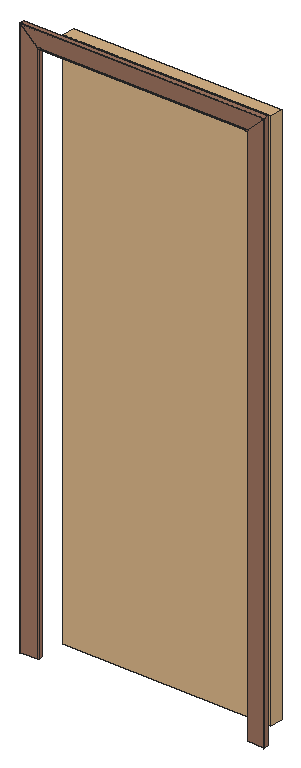
Revit family "Folha única_Alisar", category Portas, Revit 2015
Parameters (values of type "80 x 210")
  Visual Light Transmittance = 0
  Espessura = 50.00 mm
  Resistência térmica (R) = 0.270117 (m²·K)/W
  Solar Heat Gain Coefficient = 0
  ID do tipo de construção = "MPORTA"
  Coeficiente de transferência de calor (U) = 3.7021 W/(m²·K)
  Função = Interior
  Material da porta = Porta - Painel
  Material da estrutura = Porta - Batente
  Altura = 2100.00 mm
  Fechamento da parede = Por hospedeiro
  Largura = 800.00 mm
  Construção analítica = "Metal"
Reference planes
  plane 1: y = 0
  plane 2: z = 0
  plane 3: x = 0
  plane 4: x = -400
  plane 5: x = 400
  plane 6: z = 2100
Forms (mm)
  Extrusion 1, solid, material "Porta - Painel" <- "Material da porta"
    sketch origin (0, 0, 0) x (1, 0, 0) y (0, 0, 1)
      loop
        line (-400, 2100) -> (-400, 0) -> (400, 0) -> (400, 2100) -> (-400, 2100)
    from -76.2 to -26.2
  Sweep 2, solid, material "Teca"
    path in 3D
      loop
        line (-400, -76.2, 0) -> (-400, -76.2, 2100) -> (400, -76.2, 2100) -> (400, -76.2, 0)
    profile "Perfil Alisar : 7 x 2 cm" origin (-400, -76.2, 1050) x (0, -1, 0) y (1, 0, 0)
      loop
        line (0, 0) -> (0, -70) -> (17.3, -70)
        arc (17.3, -70) -> (19.135, -69.199) -> (19.793, -67.308) r 2.5
        line (19.793, -67.308) -> (15, -5)
        arc (15, -5) -> (13.536, -1.464) -> (10, 0) r 5
        line (10, 0) -> (0, 0)
Lines and regions (mm)
  Opening 1
    outline origin (-1524, -76.2, 3657.6) x (0, 0, -1) y (1, 0, 0)
      loop
        line (1557.6, 1124) -> (3657.6, 1124) -> (3657.6, 1924) -> (1557.6, 1924) -> (1557.6, 1124)
  symbolic lines, style "DoorsPanelProjection"
    curve 1: line (400, 76.2, 0) -> (350, 76.2, 0)
    curve 2: line (400, 76.2, 0) -> (400, 876.331, 0)
    curve 3: line (400, 876.331, 0) -> (350, 876.331, 0)
    curve 4: line (350, 76.2, 0) -> (350, 876.331, 0)
  symbolic lines, style "Giro da planta"
    curve 5: arc (350, 876.331, 0) -> (-184.292, 625.119, 0) -> (-401.691, 76.2, 0) r 801.691
  symbolic lines, style "Giro da elevação"
    curve 6: line (-400, 0, 2100) -> (400, 0, 1050)
    curve 7: line (400, 0, 1050) -> (-400, 0, 0)
  sketch lines
    curve 8: line (-400, -76.2, 0) -> (-400, -76.2, 2100)
    curve 9: line (-400, -76.2, 2100) -> (400, -76.2, 2100)
    curve 10: line (400, -76.2, 2100) -> (400, -76.2, 0)
Dimensions and locks
  equal spacing: plane 4, plane 3, plane 5
  "Largura": plane 4 to plane 5
  locked: host wall to curve 1
  control icon elem to plane 5 = 204.408 mm
  "Altura": plane 6 to plane 2
  "Espessura": curve 4 to plane 5
  "Espessura": Extrusion 1 to host wall
  equal spacing: plane 6, curve 7, level
  aligned and locked: host wall to Extrusion 1
Automatic sketch dimensions
  Opening 1 sketch curve to plane 6 = 0.00 mm
  Opening 1 sketch curve to level = 0.00 mm
  Opening 1 sketch curve to plane 4 = 0.00 mm
  Opening 1 sketch curve to plane 5 = 0.00 mm
  Extrusion 1 sketch curve to plane 4 = 0.00 mm
  Extrusion 1 sketch curve to plane 5 = 0.00 mm
  Extrusion 1 sketch curve to level = 0.00 mm
  Extrusion 1 sketch curve to plane 6 = 0.00 mm
  curve 1 to plane 5 = 0.00 mm
  curve 5 to plane 5 = 0.00 mm
  plane 4 to curve 5 = 1.691 mm
  curve 5 to host wall = 0.00 mm
  curve 6 to plane 4 = 0.00 mm
  curve 6 to plane 6 = 0.00 mm
  curve 7 to plane 5 = 0.00 mm
  curve 7 to level = 0.00 mm
  curve 7 to plane 4 = 0.00 mm
